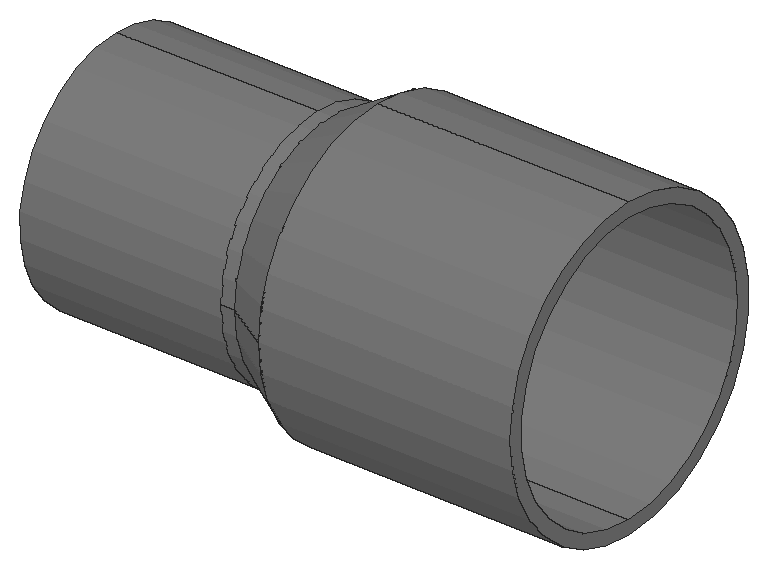
Revit family "Dirit_uPVC Tien Phong Reducer", category Pipe Fittings, Revit 2024
Family settings
  Round Connector Dimension = Use Diameter
  Part Type = Transition
  Work Plane-Based = No
  Always vertical = Yes
  Cut with Voids When Loaded = No
  Shared = No
Parameters (values of type "Standard")
  uPVC = uPVC
  Website = ""
  URL = ""
  Type Image = PVC Transistion.JPG
  Type Comments = "Pipe Fitting"  # constant formula
  Name Fitting = "uPVC_Reducer"  # constant formula
  Mô tả = "Côn thu uPVC"
  Lookup Table = "uPVC_Transition_Tien Phong"
  ENG_Thickness 2 [instance] = (ENG_Fitting Outside Diameter 2 - ENG_Fitting Inside Diameter 2) / 2  # 1.3 mm
  ENG_Thinkness 1 [instance] = (ENG_Fitting Outside Diameter 1 - ENG_Fitting Inside Diameter 1) / 2  # 1.75 mm
  Standard = "ISO 1452-2"  # constant formula
  ENG_Socket Outside Radius 2 [instance] = ENG_Nominal Outside Radius 2  # 14.8 mm
  ENG_Socket Outside Radius 1 [instance] = ENG_Nominal Outside Radius 1  # 12 mm
  ENG_Socket Inside Radius 2 [instance] = if(ENG_Nominal Diameter 1 > ENG_Nominal Diameter 2, ENG_Nominal Outside Radius 2 - ENG_Thinkness 1, ENG_Nominal Inside Radius 2)  # 13.5 mm
  ENG_Socket Inside Radius 1 [instance] = if(ENG_Nominal Diameter 1 > ENG_Nominal Diameter 2, ENG_Nominal Inside Radius 1, ENG_Nominal Outside Radius 1 - ENG_Thickness 2)  # 10.7 mm
  ENG_Socket Length [instance] = size_lookup(Lookup Table, "Z", 25 mm, ENG_Nominal Diameter 1, ENG_Nominal Diameter 2)  # 6 mm
  ENG_Nominal Outside Radius 2 [instance] = ENG_Fitting Outside Diameter 2 / 2  # 14.8 mm
  ENG_Nominal Outside Radius 1 [instance] = ENG_Fitting Outside Diameter 1 / 2  # 12 mm
  ENG_Nominal Inside Radius 2 [instance] = ENG_Fitting Inside Diameter 2 / 2  # 13.5 mm
  ENG_Nominal Inside Radius 1 [instance] = ENG_Fitting Inside Diameter 1 / 2  # 10.25 mm
  ENG_Nominal Diameter 2 [instance] = 27 mm
  ENG_Nominal Diameter 1 [instance] = 21 mm
  Model = "MEPF Modeling"  # constant formula
  Manufacturer = ""
  ENG_Length 5 [instance] = if(ENG_Nominal Diameter 1 > ENG_Nominal Diameter 2, ENG_Socket Length, 0 mm)  # 0 mm
  ENG_Length 4 [instance] = if(ENG_Nominal Diameter 1 > ENG_Nominal Diameter 2, 0 mm, ENG_Socket Length)  # 6 mm
  ENG_Length 3 [instance] = if(ENG_Nominal Diameter 1 > ENG_Nominal Diameter 2, ENG_Thinkness 1, ENG_Socket Length - ENG_Thickness 2)  # 4.7 mm
  ENG_Length 2 [instance] = size_lookup(Lookup Table, "l", 30 mm, ENG_Nominal Diameter 1, ENG_Nominal Diameter 2)  # 25 mm
  ENG_Length 1 [instance] = size_lookup(Lookup Table, "L", 30 mm, ENG_Nominal Diameter 1, ENG_Nominal Diameter 2)  # 20 mm
  ENG_Fitting Outside Diameter 1 [instance] = size_lookup(Lookup Table, "OD", ENG_Nominal Diameter 1 + 2.5 mm * 2, ENG_Nominal Diameter 1, ENG_Nominal Diameter 2)  # 24 mm
  ENG_Fitting Outside Diameter 2 [instance] = size_lookup(Lookup Table, "od", ENG_Nominal Diameter 2 + 2.5 mm * 2, ENG_Nominal Diameter 1, ENG_Nominal Diameter 2)  # 29.6 mm
  ENG_Fitting Inside Diameter 2 [instance] = size_lookup(Lookup Table, "id", ENG_Nominal Diameter 2, ENG_Nominal Diameter 1, ENG_Nominal Diameter 2)  # 27 mm
  ENG_Fitting Inside Diameter 1 [instance] = size_lookup(Lookup Table, "ID", ENG_Nominal Diameter 1, ENG_Nominal Diameter 1, ENG_Nominal Diameter 2)  # 20.5 mm
  Fanpage = ""
  Email = ""
  Distance Outside 2 [instance] = if(ENG_Nominal Diameter 1 > ENG_Nominal Diameter 2, ENG_Socket Outside Radius 2, ENG_Socket Outside Radius 1)  # 12 mm
  ENG_Distance Outside 1 [instance] = if(ENG_Nominal Diameter 1 > ENG_Nominal Diameter 2, ENG_Socket Outside Radius 1, ENG_Socket Outside Radius 2)  # 14.8 mm
  ENG_Distance Inside 2 [instance] = if(ENG_Nominal Diameter 1 > ENG_Nominal Diameter 2, ENG_Socket Inside Radius 2, ENG_Socket Inside Radius 1)  # 10.7 mm
  ENG_Distance Inside 1 [instance] = if(ENG_Nominal Diameter 1 > ENG_Nominal Diameter 2, ENG_Socket Inside Radius 1, ENG_Socket Inside Radius 2)  # 13.5 mm
  Design By = ""
  Default Elevation = 0 mm
  Address = ""
Reference planes
  plane 1 "Main Reference Horizontal": y = 0
  plane 2: z = 0
  plane 3 "Main Reference Vertical": x = 0
  plane 4: x = -3
  plane 5: x = 3
  plane 6: x = -1.7
Forms (mm)
  Revolve 1, solid, material "uPVC", detail levels fine
    sketch origin (0, 0, 0) x (1, 0, 0) y (0, 1, 0)
      loop
        line (3, 13.5) -> (3, 14.8) -> (-1.7, 12) -> (-3, 12) -> (-3, 10.7) -> (-1.7, 10.7) -> (3, 13.5)
      axis (3, 0) -> (-3, 0)
    angle from 0 to 360
  Extrusion 2, solid, material "uPVC", detail levels fine
    sketch origin (-3, 0, 0) x (0, 0, 1) y (0, 1, 0)
      loop
        circle (0, 0) r 12
      loop
        circle (0, 0) r 10.25
    from 0 to 20 <- "ENG_Length 1"
  Extrusion 3, solid, material "uPVC", detail levels fine
    sketch origin (3, 0, 0) x (0, 0, 1) y (0, -1, 0)
      loop
        circle (0, 0) r 14.8
      loop
        circle (0, 0) r 13.5
    from 0 to 25 <- "ENG_Length 2"
Cuts and joins
  joined: Revolve 1, Extrusion 2, Extrusion 3
Lines and regions (mm)
  reference lines
    curve 1: line (-3, 0, 0) -> (3, 0, 0)
  model lines, detail levels coarse+medium
    curve 2: line (-3, 0, 0) -> (3, 0, 0)
    curve 3: line (-3, 5.125, 0) -> (-3, -5.125, 0)
    curve 4: line (3, 6.75, 0) -> (3, -6.75, 0)
Dimensions and locks
  equal spacing: plane 4, plane 3 "Main Reference Vertical", plane 5
  "ENG_Socket Length": plane 4 to plane 5
  "ENG_Length 3": plane 6 to plane 5
  "ENG_Length 4": plane 4 to Revolve 1 sketch curve  (x3)
  "ENG_Distance Inside 1": plane 1 "Main Reference Horizontal" to Revolve 1 sketch curve  (x2)
  "ENG_Distance Outside 1": plane 1 "Main Reference Horizontal" to Revolve 1 sketch curve  (x2)
  "ENG_Distance Inside 2": plane 1 "Main Reference Horizontal" to Revolve 1 sketch curve  (x2)
  "Distance Outside 2": plane 1 "Main Reference Horizontal" to Revolve 1 sketch curve  (x2)
  "ENG_Length 5": plane 4 to Revolve 1 sketch curve
  equal spacing: curve 4, plane 1 "Main Reference Horizontal", curve 4
  "ENG_Nominal Inside Radius 2": curve 4 to curve 4
  equal spacing: curve 3, plane 1 "Main Reference Horizontal", curve 3
  "ENG_Nominal Inside Radius 1": curve 3 to curve 3
  "ENG_Fitting Inside Diameter 1": diameter of Extrusion 2 sketch curve
  "ENG_Fitting Outside Diameter 1": diameter of Extrusion 2 sketch curve
  "ENG_Fitting Inside Diameter 2": diameter of Extrusion 3 sketch curve
  "ENG_Fitting Outside Diameter 2": diameter of Extrusion 3 sketch curve
  aligned and locked: level to plane 2
  aligned and locked: plane 4 to curve 1
  aligned and locked: plane 5 to curve 1
  aligned and locked: plane 1 "Main Reference Horizontal" to curve 1
  aligned and locked: plane 6 to Revolve 1 sketch curve  (x2)
  aligned and locked: plane 1 "Main Reference Horizontal" to Extrusion 2  (x2)
  aligned and locked: plane 4 to Extrusion 2
  aligned and locked: plane 1 "Main Reference Horizontal" to Extrusion 3  (x2)
  aligned and locked: Extrusion 3 to plane 5
  aligned and locked: plane 4 to curve 2
  aligned and locked: plane 5 to curve 2
  aligned and locked: plane 1 "Main Reference Horizontal" to curve 2
  aligned and locked: curve 3 to plane 4
  aligned and locked: curve 4 to plane 5
Automatic sketch dimensions
  plane 1 "Main Reference Horizontal" to Revolve 1 sketch curve = 0 mm
  Revolve 1 sketch curve to plane 4 = 1995 mm
  plane 5 to Revolve 1 sketch curve = 1995 mm
  Extrusion 2 sketch curve to Extrusion 2 sketch curve = 0 mm  (x2)
  Extrusion 2 sketch curve to level = 0 mm
  Extrusion 2 sketch curve to plane 1 "Main Reference Horizontal" = 0 mm
  Extrusion 3 sketch curve to Extrusion 3 sketch curve = 0 mm  (x2)
  Extrusion 3 sketch curve to level = 0 mm
  Extrusion 3 sketch curve to plane 1 "Main Reference Horizontal" = 0 mm
Connectors
  piping at (-3, 0, 0), diameter 21, driven by "ENG_Nominal Diameter 1"
    settings: on curve 1, index 1, connector inside diameter 609.6 mm, connector length 0 mm, flow factor 0, pipe flow 0.0 L/s, pressure drop 0.0 Pa, fitting loss kfactor 0, connector angle 0.00°, fixture units 0, engagement length 0 mm, angle of deflection 0.00°, flow configuration 0, flow direction 0, fitting loss method 0, system type 28, joint type 0, gender type 0, connector reference index 2, connector utility 0, adjustable connector no, is connector primary yes, connector description ""
  piping at (3, 0, 0), diameter 27, driven by "ENG_Nominal Diameter 2"
    settings: on curve 1, index 2, connector inside diameter 609.6 mm, connector length 0 mm, flow factor 0, pipe flow 0.0 L/s, pressure drop 0.0 Pa, fitting loss kfactor 0, connector angle 0.00°, fixture units 0, engagement length 0 mm, angle of deflection 0.00°, flow configuration 0, flow direction 0, fitting loss method 0, system type 28, joint type 0, gender type 0, connector reference index 1, connector utility 0, adjustable connector no, is connector primary no, connector description ""
